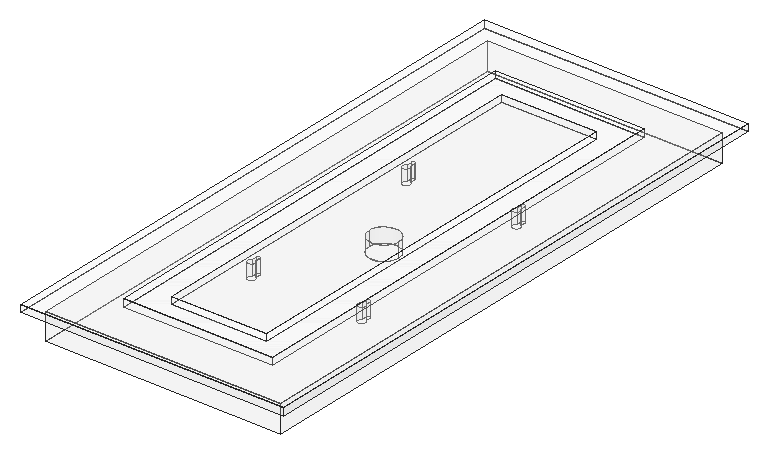
Revit family "Captivate", category Lighting Fixtures, host Face, Revit 2014
Parameters (values of type "1839")
  Wattage = 24.9 W
  Warranty = "5-Years Warranty"  # constant formula
  W2 = 10.00"
  W1 = 17.70"
  built-in parameter 1150110 = 1 (stored number, unit not read)
  Voltage = 120 V
  Type Comments = "Lighting Fixture"  # constant formula
  built-in parameter 1114217 = 1 (stored number, unit not read)
  Tilt Angle = -180.00°
  built-in parameter 1150109 = 1 (stored number, unit not read)
  built-in parameter 1150134 = 3
  built-in parameter 1150113 = 1 (stored number, unit not read)
  Product Page URL = "https://www.hubbell.com/hubbelllightingci/en/Products/Lighting-Controls/Commercial-Indoor-Lighting/Wall-Mount/Captivate/p/2393676"
  Product Documentation Link = "https://hubbellcdn.com/specsheet/HHS0055_CAPTIVATE_SPEC_17.pdf"
  Photometric Web File = "17.02450 - CML.IES"
  Photometric Notes = "More IES files download on Photometric Link"  # constant formula
  Photometric Link = "https://www.hubbell.com/hubbelllightingci/en/Products/Lighting-Controls/Emergency-Exit-Lighting/Emergency-Lighting-Units/CRU/p/2126540"
  Wattage Comments = "25W"
  URL = "https://www.hubbell.com/hubbellhealthcaresolutions/en/"
  Mounting = "Wall"  # constant formula
  Model = "Captivate"  # constant formula
  Manufacturer = "Healthcare Solutions"  # constant formula
  built-in parameter 1150105 = 72.522 (stored number, unit not read)
  Lumens = 911.34 lm
  built-in parameter 1150115 = 1 (stored number, unit not read)
  Load Classification = Lighting
  built-in parameter 1150137 = (empty or 0)
  built-in parameter 1150139 = (empty or 0)
  Light = Glass - Hubbell - White
  built-in parameter 1150112 = 1 (stored number, unit not read)
  built-in parameter 1150114 = 1 (stored number, unit not read)
  Lamp = "LED"  # constant formula
  built-in parameter 1150132 = (empty or 0)
  built-in parameter 1150102 = (empty or 0)
  built-in parameter 1150107 = 3200 (stored number, unit not read)
  built-in parameter 1150138 = (empty or 0)
  built-in parameter 1150106 = 0.72522 (stored number, unit not read)
  H2 = 31.30"
  H1 = 39.00"
  Glass = Hubbell - Glass
  F = 13.00"
  Emit from Rectangle Width = H1  # 39.00"
  Emit from Rectangle Length = W1  # 17.70"
  Emit Shape Visible in Rendering = no
  built-in parameter 1150104 = 3.4003 (stored number, unit not read)
  E [instance] = 7.40"
  Dimming Lamp Color Temperature Shift = <None>
  Description = "Captivate provides an architecturally pleasing solution for illuminating the vanity that is ideal for healthcare, hospitality, commercial and residential applications. The indirect, backlit solution delivers soft illumination that is well suited for facial rendering."  # constant formula
  Default Elevation = 48.00"
  D = 15.80"
  Create Date = "09/20/2018"  # constant formula
  Copyright = "Copyright ©2017 Healthcare Solutions, a division of Hubbell Lighting, Inc."  # constant formula
  Contact Us = "https://www.hubbell.com/hubbelllightingci/en/contactUs?productId=2393676"
  Housing Material = Paint - Hubbell - Matte White
  Color Filter = 16777215
  C = 37.10"
  built-in parameter 1114218 = 1 (stored number, unit not read)
  built-in parameter 1150133 = 10 (stored number, unit not read)
  Assembly Code = "D5020200"
  Apparent Load = 36 VA
Types (5): name | Wattage | W2 | W1 | Photometric Web File | Wattage Comments | built-in parameter 1150105 | Lumens | built-in parameter 1150106 | H2 | H1 | Emit from Rectangle Width | Emit from Rectangle Length | built-in parameter 1150104 | D | C | Apparent Load
  (no name) | 24.9 W | 10.00" | 17.70" | "17.02450 - CML.IES" | "25W" | 72.522 (stored number, unit not read) | 911.34 lm | 0.72522 (stored number, unit not read) | 31.30" | 39.00" | 39.00" | 17.70" | 3.4003 (stored number, unit not read) | 15.80" | 37.10" | 36 VA
  1839 | 24.9 W | 10.00" | 17.70" | "17.02450 - CML.IES" | "25W" | 72.522 (stored number, unit not read) | 911.34 lm | 0.72522 (stored number, unit not read) | 31.30" | 39.00" | 39.00" | 17.70" | 3.4003 (stored number, unit not read) | 15.80" | 37.10" | 36 VA
  2543 | 24.4 W | 16.00" | 24.70" | "17.02451 - CML.IES" | "25W" | 90.677 (stored number, unit not read) | 1139.48 lm | 0.90677 (stored number, unit not read) | 34.30" | 43.00" | 43.00" | 24.70" | 4.3386 (stored number, unit not read) | 21.80" | 40.10" | 0 VA
  3143 | 36.2 W | 22.30" | 31.00" | "17.02452 - CML.IES" | "36.2W" | 131.65 (stored number, unit not read) | 1654.34 lm | 1.3165 (stored number, unit not read) | 34.30" | 43.00" | 43.00" | 31.00" | 4.2457 (stored number, unit not read) | 28.10" | 40.10" | 0 VA
  3743 | 35.9 W | 28.30" | 37.00" | "17.02453 - CML.IES" | "35.9W" | -1076497.4 (stored number, unit not read) | 1687.3 lm | -10765 (stored number, unit not read) | 34.30" | 43.00" | 43.00" | 37.00" | 4.3664 (stored number, unit not read) | 34.10" | 40.10" | 0 VA
Reference planes (in)
  plane 1 "Center (Front/Back)": y = 13.01342
  plane 2: z = 0
  plane 3 "Center (Left/Right)": x = 0
  plane 4: x = -8.85
  plane 5: x = 8.85
  plane 6: x = 5
  plane 7: x = -5
  plane 8: y = 32.51342
  plane 9: y = -6.48658
  plane 10: y = 28.66342
  plane 11: y = -2.63658
  plane 12: z = 2.33
  plane 13: z = 1.83
  plane 14: y = 31.56342
  plane 15: y = -5.53658
  plane 16: x = -7.9
  plane 17: x = 7.9
  plane 18: x = -3.7
  plane 19: x = 3.7
  plane 20: y = 6.51342
  plane 21: y = 19.51342
Forms (in)
  Extrusion 1, solid, material "Hubbell - Glass" <- "Glass"
    sketch origin (0, 0, 0) x (1, 0, 0) y (0, 1, 0)
      loop
        line (-8.85, 32.51342) -> (-8.85, -6.48658) -> (8.85, -6.48658) -> (8.85, 32.51342) -> (-8.85, 32.51342)
    from 1.83 to 2.33
  Extrusion 2, solid, material "Glass - Hubbell - White" <- "Light"
    sketch origin (0, 0, 0) x (1, 0, 0) y (0, 1, 0)
      loop
        line (-5, 28.66342) -> (-5, -2.63658) -> (5, -2.63658) -> (5, 28.66342) -> (-5, 28.66342)
      loop
        line (3.2, 26.86342) -> (-3.2, 26.86342) -> (-3.2, -0.83658) -> (3.2, -0.83658) -> (3.2, 26.86342)
    from 1.83 to 2.33
  Extrusion 3, solid, material "Hubbell - Glass" <- "Glass"
    sketch origin (0, 0, 0) x (1, 0, 0) y (0, 1, 0)
      loop
        line (-7.9, 31.56342) -> (-7.9, -5.53658) -> (7.9, -5.53658) -> (7.9, 31.56342) -> (-7.9, 31.56342)
    from 0 to 1.83
  Extrusion 4, void
    sketch origin (0, 0, 0) x (1, 0, 0) y (0, 1, 0)
      loop
        arc (-3.82206, 19.73159) -> (-3.7, 19.26342) -> (-3.57794, 19.73159) r 0.25
        line (-3.57794, 19.73159) -> (-3.57794, 20.07765)
        arc (-3.57794, 20.07765) -> (-3.7, 20.19971) -> (-3.82206, 20.07765) r 0.12206
        line (-3.82206, 20.07765) -> (-3.82206, 19.73159)
      loop
        arc (3.57794, 19.73159) -> (3.7, 19.26342) -> (3.82206, 19.73159) r 0.25
        line (3.82206, 19.73159) -> (3.82206, 20.07765)
        arc (3.82206, 20.07765) -> (3.7, 20.19971) -> (3.57794, 20.07765) r 0.12206
        line (3.57794, 20.07765) -> (3.57794, 19.73159)
      loop
        arc (-3.82206, 6.73159) -> (-3.7, 6.26342) -> (-3.57794, 6.73159) r 0.25
        line (-3.57794, 6.73159) -> (-3.57794, 7.07765)
        arc (-3.57794, 7.07765) -> (-3.7, 7.19971) -> (-3.82206, 7.07765) r 0.12206
        line (-3.82206, 7.07765) -> (-3.82206, 6.73159)
      loop
        arc (3.57794, 6.73159) -> (3.7, 6.26342) -> (3.82206, 6.73159) r 0.25
        line (3.82206, 6.73159) -> (3.82206, 7.07765)
        arc (3.82206, 7.07765) -> (3.7, 7.19971) -> (3.57794, 7.07765) r 0.12206
        line (3.57794, 7.07765) -> (3.57794, 6.73159)
      loop
        circle (0, 13.01342) r 1
    from 0 to 1
Cuts and joins
  Extrusion 4 cuts Extrusion 3
Dimensions and locks (in)
  "W1": plane 4 to plane 5
  "W2": plane 7 to plane 6
  "H1": plane 9 to plane 8
  "H2": plane 11 to plane 10
  equal spacing: plane 4, plane 3 "Center (Left/Right)", plane 5
  equal spacing: plane 9, plane 1 "Center (Front/Back)", plane 8
  equal spacing: plane 11, plane 1 "Center (Front/Back)", plane 10
  equal spacing: plane 7, plane 3 "Center (Left/Right)", plane 6
  locked: plane 12 to plane 2 at 2.33
  locked: plane 7 to Extrusion 2 sketch curve at 1.8
  locked: Extrusion 2 sketch curve to plane 6 at 1.8
  locked: Extrusion 2 sketch curve to plane 11 at 1.8
  locked: plane 10 to Extrusion 2 sketch curve at 1.8
  equal spacing: plane 16, plane 3 "Center (Left/Right)", plane 17
  "D": plane 16 to plane 17
  "C": plane 15 to plane 14
  equal spacing: plane 15, plane 1 "Center (Front/Back)", plane 14
  "F": plane 20 to plane 21
  equal spacing: plane 20, plane 1 "Center (Front/Back)", plane 21
  equal spacing: plane 18, plane 3 "Center (Left/Right)", plane 19
  "E": plane 18 to plane 19
  aligned and locked: plane 2 to host face
  aligned and locked: level to host face
  aligned and locked: plane 12 to Extrusion 2
  aligned and locked: Extrusion 2 to plane 13
  aligned and locked: Extrusion 1 to Extrusion 2
  aligned and locked: plane 14 to Extrusion 3 sketch curve
  aligned and locked: plane 16 to Extrusion 3 sketch curve
  aligned and locked: Extrusion 3 sketch curve to plane 15
  aligned and locked: Extrusion 3 sketch curve to plane 17
  aligned and locked: Extrusion 3 to Extrusion 1
  aligned and locked: Extrusion 1 to imposter light
  aligned and locked: plane 12 to Extrusion 1
  aligned and locked: Extrusion 1 to plane 13
  aligned and locked: plane 3 "Center (Left/Right)" to imposter light
  aligned and locked: imposter light to plane 1 "Center (Front/Back)"
Automatic sketch dimensions
  host sketch curve to host sketch curve = 96.00"  (x2)
  Extrusion 1 sketch curve to plane 4 = 0.00"
  Extrusion 1 sketch curve to plane 5 = 0.00"
  plane 9 to Extrusion 1 sketch curve = 0.00"
  plane 8 to Extrusion 1 sketch curve = 0.00"
  Extrusion 2 sketch curve to plane 6 = 0.00"
  plane 10 to Extrusion 2 sketch curve = 0.00"
  Extrusion 2 sketch curve to plane 7 = 0.00"
  plane 11 to Extrusion 2 sketch curve = 0.00"
  Extrusion 4 sketch curve to plane 18 = 0.00"  (x4)
  plane 1 "Center (Front/Back)" to Extrusion 4 sketch curve = 0.00"
  Extrusion 4 sketch curve to plane 3 "Center (Left/Right)" = 0.00"
  Extrusion 4 sketch curve to plane 19 = 0.00"  (x4)
  plane 20 to Extrusion 4 sketch curve = 0.00"  (x2)
  plane 21 to Extrusion 4 sketch curve = 0.00"  (x2)
  Extrusion 4 sketch curve to plane 18 = 0.12206"  (x2)
  Extrusion 4 sketch curve to plane 19 = 0.12206"  (x2)
  Extrusion 4 sketch curve to plane 20 = 0.21817"  (x2)
  Extrusion 4 sketch curve to Extrusion 4 sketch curve = 0.34605"  (x4)
  Extrusion 4 sketch curve to plane 21 = 0.21817"  (x2)
  Extrusion 4 sketch curve to Extrusion 4 sketch curve = 0.00"
  radius of Extrusion 4 sketch curve = 1.00"
